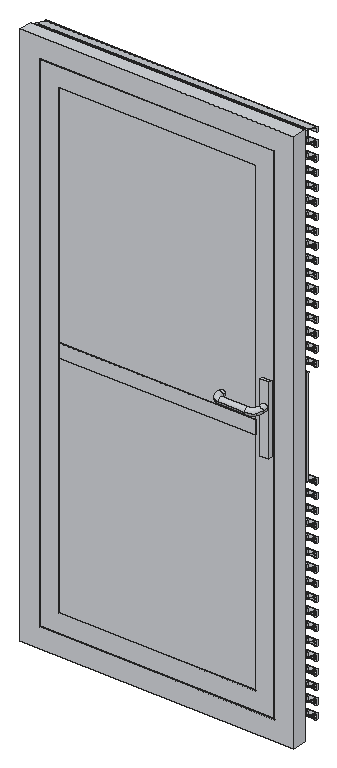
Revit family "NLRS_31_DO_WB_HF58-45 enkele deur-AV_jazo_jazo", category Doors, host Wall, Revit 2020
Family settings
  Host = Wall
  OmniClass Number = 23.30.10.00
  OmniClass Title = Doors
  Always vertical = Yes
  Cut with Voids When Loaded = No
  Shared = No
  Room Calculation Point = No
Parameters (values of type "TYPE CATALOG")
  URL = "www.jazo.com"
  Thickness = if(JAZO_C_forster presto kozijn, 50 mm, if(JAZO_C_aluminium kozijn, 60 mm, 50 mm))  # 50 mm
  Rough Width = NLRS_C_breedte_01  # 1010 mm
  Rough Height = NLRS_C_hoogte_01  # 2010 mm
  Operation = ""
  Negge = 61 mm
  NLRS_C_zelfsluitend = no
  NLRS_C_weerstandsklasse = "Voor specificaties of mogelijkheden, neem contact op."  # constant formula
  NLRS_C_vluchtroute = "Voor specificaties of mogelijkheden, neem contact op."  # constant formula
  NLRS_C_stelruimte = if(NLRS_C_brandwerend, 10 mm, 5 mm)  # 5 mm
  NLRS_C_rookwerendheid = "Voor specificaties of mogelijkheden, neem contact op."  # constant formula
  NLRS_C_offset_02 = if(JAZO_C_calculatie_03 < 0 mm, JAZO_C_calculatie_03 - ((NLRS_C_aantal_02 - 13) * 48 mm), NLRS_C_offset_01)  # 45.3 mm
  NLRS_C_offset_01 = if(JAZO_C_calculatie_03 > 0 mm, JAZO_C_calculatie_03 - ((NLRS_C_aantal_01 - 2) * 48 mm), 0 mm)  # 0 mm
  NLRS_C_offset = Negge  # 61 mm
  NLRS_C_merk = "Voor specificaties of mogelijkheden, neem contact op."  # constant formula
  NLRS_C_leverancier_url = "www.jazo.com"  # constant formula
  NLRS_C_leverancier_telefoonnummer = "+31 316 - 59 29 11"  # constant formula
  NLRS_C_leverancier_postcode = "6905 DJ"  # constant formula
  NLRS_C_leverancier_plaats = "Zevenaar"  # constant formula
  NLRS_C_leverancier_email = "info@jazo.com"  # constant formula
  NLRS_C_leverancier_bedrijfsnaam = "JAZO Zevenaar bv"  # constant formula
  NLRS_C_leverancier_adres = "Handelsdwarsstraat 10"  # constant formula
  NLRS_C_lengte_02 = if(JAZO_C_calculatie_02 < (13 * 48 mm), JAZO_C_calculatie_02, (13 * 48 mm))  # 573.3 mm
  NLRS_C_lengte_01 = if(JAZO_C_calculatie_01 > (2 * 48 mm), JAZO_C_calculatie_01, (2 * 48 mm))  # 96 mm
  NLRS_C_inbraakwerend = no
  NLRS_C_hoogte_min = if(JAZO_C_forster presto kozijn, if(and(NLRS_C_brandwerend, NLRS_C_inbraakwerend), 2050 mm, if(NLRS_C_inbraakwerend, 2050 mm, if(NLRS_C_brandwerend, 2000 mm, 1850 mm))), if(JAZO_C_aluminium kozijn, 1850 mm, 1850 mm))  # 1850 mm
  NLRS_C_hoogte_max = if(JAZO_C_forster presto kozijn, if(NLRS_C_inbraakwerend, 2640 mm, 3000 mm), if(JAZO_C_aluminium kozijn, if(NLRS_C_inbraakwerend, 2645 mm, 3200 mm), 2000 mm))  # 3000 mm
  NLRS_C_hoogte_01 = NLRS_C_hoogte + (NLRS_C_stelruimte * 2)  # 2010 mm
  NLRS_C_hoogte = if(Height < NLRS_C_hoogte_min, NLRS_C_hoogte_min, if(Height > NLRS_C_hoogte_max, NLRS_C_hoogte_max, Height))  # 2000 mm
  NLRS_C_geluidwering Rw = "Voor specificaties of mogelijkheden, neem contact op."  # constant formula
  NLRS_C_diepte_02 = if(JAZO_C_forster presto kozijn, 50 mm, 30 mm)  # 50 mm
  NLRS_C_diepte_01 = if(JAZO_C_forster presto kozijn, 111 mm, 121 mm)  # 111 mm
  NLRS_C_diepte = Thickness  # 50 mm
  NLRS_C_content_versie = "2.5"  # constant formula
  NLRS_C_content_revit versie = "REVIT 2020.2"  # constant formula
  NLRS_C_content_provider = "JAZO Zevenaar bv"  # constant formula
  NLRS_C_content_datum uitgifte = "17-8-2022"  # constant formula
  NLRS_C_content_datum gewijzigd = "7-11-2022"  # constant formula
  NLRS_C_content_creator = "JAZO Zevenaar bv"  # constant formula
  NLRS_C_breedte_min = 850 mm  # constant formula
  NLRS_C_breedte_max = if(JAZO_C_forster presto kozijn, if(NLRS_C_inbraakwerend, 1440 mm, 1500 mm), if(JAZO_C_aluminium kozijn, if(NLRS_C_inbraakwerend, 1661 mm, 1400 mm), 1000 mm))  # 1500 mm
  NLRS_C_breedte_01 = NLRS_C_breedte + NLRS_C_stelruimte * 2  # 1010 mm
  NLRS_C_breedte = if(Width < NLRS_C_breedte_min, NLRS_C_breedte_min, if(Width > NLRS_C_breedte_max, NLRS_C_breedte_max, Width))  # 1000 mm
  NLRS_C_brandwerend = no
  NLRS_C_aantal_02 = if(NLRS_C_hoogte < 2064.4 mm, rounddown(JAZO_C_calculatie_02 / 48 mm), 13)  # 11
  NLRS_C_aantal_01 = if(NLRS_C_hoogte > 2064.4 mm, rounddown(JAZO_C_calculatie_01 / 48 mm), 2)  # 2
  Model = "HF58-45 enkele deur"  # constant formula
  Manufacturer = "JAZO Zevenaar bv"  # constant formula
  MIN WIDTH = NLRS_C_breedte_min  # 850 mm
  MIN HEIGHT = NLRS_C_hoogte_min  # 1850 mm
  MAX WIDTH = NLRS_C_breedte_max  # 1500 mm
  MAX HEIGHT = NLRS_C_hoogte_max  # 3000 mm
  JAZO_C_ventilerend = no
  JAZO_C_paniekfunctie = no
  JAZO_C_opbouwrooster HF58 45 = if(or(JAZO_C_aluminium kozijn, JAZO_C_forster presto kozijn), 1 < 2, 2 < 1)  # yes
  JAZO_C_niet ventilerend = yes
  JAZO_C_materiaal schoep = none
  JAZO_C_materiaal scharnier = none
  JAZO_C_materiaal forster presto sandwichpaneel = none
  JAZO_C_materiaal forster presto kozijn = none
  JAZO_C_materiaal forster presto deurprofiel = none
  JAZO_C_materiaal beslag = none
  JAZO_C_materiaal aluminium planken = none
  JAZO_C_materiaal aluminium kozijn = none
  JAZO_C_forster presto kozijn = yes
  JAZO_C_dagmaat hoogte = if(JAZO_C_forster presto kozijn, NLRS_C_hoogte - 70 mm - 70 mm, if(JAZO_C_aluminium kozijn, NLRS_C_hoogte - 52 mm - 52 mm, 0 mm))  # 1860 mm
  JAZO_C_dagmaat breedte = if(JAZO_C_forster presto kozijn, NLRS_C_breedte - 70 mm - 70 mm, if(JAZO_C_aluminium kozijn, NLRS_C_breedte - 52 mm - 52 mm, 0 mm))  # 860 mm
  JAZO_C_calculatie_03 = (NLRS_C_hoogte - JAZO_C_calculatie_01 - JAZO_C_calculatie_02 - 75.2 mm - 240 mm - 240 mm - 144 mm - 336 mm - 240 mm - 48 mm - 21.2 mm + 13.7 mm) * -1  # -50.7 mm
  JAZO_C_calculatie_02 = NLRS_C_hoogte - (2 mm * 48) - 75.2 mm - 240 mm - 240 mm - 144 mm - 336 mm - 240 mm - 48 mm - 21.2 mm + 13.7 mm  # 573.3 mm
  JAZO_C_calculatie_01 = NLRS_C_hoogte - (13 mm * 48) - 75.2 mm - 240 mm - 240 mm - 144 mm - 336 mm - 240 mm - 48 mm - 21.2 mm + 13.7 mm  # 45.3 mm
  JAZO_C_aluminium kozijn = no
  Function = Exterior
  Height = 2000 mm
  Wall Closure = By host
  Width = 1000 mm
  Description = "HF58-45 enkele deur"  # constant formula
  Define Thermal Properties by = User Defined
  Construction Type = "Voor specificaties of mogelijkheden, neem contact op."  # constant formula
  Assembly Code = "23.30.10.00"
  Analytic Construction = "<None>"
Reference planes
  plane 1 "Center (Front/Back)": y = 0
  plane 2 "Center (Left/Right)": x = 0
  plane 3 "Left": x = -500
  plane 4 "Right": x = 500
  plane 5 "Top": z = 2005
  plane 6 "Exterior": y = 75
  plane 7 "Interior": y = -75
  plane 8 "stelruimte r": x = 505
  plane 9 "stelruimte l": x = -505
  plane 10 "stelruimte b": z = 2010
  plane 11 "stelruimte o": z = 5
  plane 12 "center kozijn": y = -11
  plane 13 "Center": z = 1005
  plane 14 "voorkant kozijn": y = 14
  plane 15 "achterkant kozijn": y = -36
  plane 16 "start_schoep": z = 1998.2
  plane 17 "sectie 2": z = 1683
  plane 18 "sectie 3": z = 1587
  plane 19 "sectie 4": z = 1347
  plane 20 "sectie 5": z = 1203
  plane 21 "sectie 6": z = 867
  plane 22 "sectie 7": z = 293.7
  plane 23 "sectie 8": z = 53.7
  plane 24 "sectie 9": z = 5.7
  plane 25 "offset sectie 3": z = 1587
  plane 26 "offset sectie 4": z = 1347
  plane 27 "offset sectie 5": z = 1203
  plane 28 "offset sectie 6": z = 867
  plane 29 "offset sectie 7": z = 339
  plane 30 "offset sectie 8": z = 99
  plane 31 "voorkant schoep": y = 75
  plane 32 "center kozijn + schoep": y = 19.5
  plane 33 "sectie 1": z = 1923
Lines and regions (mm)
  Opening 1
    outline origin (-3161.91, -75, 0) x (1, 0, 0) y (0, 0, 1)
      loop
        line (2656.91, 0) -> (3666.91, 0) -> (3666.91, 2010) -> (2656.91, 2010) -> (2656.91, 0)
  symbolic lines, style "Swing Elevation"
    curve 1: line (500, -75, 1005) -> (-500, -75, 2005)
    curve 2: line (500, -75, 1005) -> (-500, -75, 0)
Text (mm)
  text "Exterior" at (-2295.016, 1099.543, 0), in view "Ref. Level"
  text "Exterior" at (0, 1615.38, 3698.081), in view "Left"
  text "Exterior" at (0, 1036.032, 3874.932), in view "Right"
Dimensions and locks
  equal spacing: plane 9 "stelruimte l", plane 2 "Center (Left/Right)", plane 8 "stelruimte r"
  "NLRS_C_breedte": plane 3 "Left" to plane 4 "Right"
  "NLRS_C_hoogte": plane 5 "Top" to plane 11 "stelruimte o"
  "NLRS_C_hoogte_01": host wall to plane 10 "stelruimte b"
  locked: plane 6 "Exterior" to host wall
  locked: plane 7 "Interior" to host wall
  "NLRS_C_breedte_01": plane 9 "stelruimte l" to plane 8 "stelruimte r"
  equal spacing: plane 3 "Left", plane 2 "Center (Left/Right)", plane 4 "Right"
  equal spacing: plane 11 "stelruimte o", plane 13 "Center", plane 5 "Top"
  "NLRS_C_stelruimte": level to plane 11 "stelruimte o"
  locked: plane 16 "start_schoep" to plane 5 "Top" at 6.8
  locked: plane 17 "sectie 2" to plane 33 "sectie 1" at 240
  "NLRS_C_lengte_01": plane 18 "sectie 3" to plane 17 "sectie 2"
  locked: plane 19 "sectie 4" to plane 18 "sectie 3" at 240
  locked: plane 20 "sectie 5" to plane 19 "sectie 4" at 144
  locked: plane 21 "sectie 6" to plane 20 "sectie 5" at 336
  "NLRS_C_lengte_02": plane 22 "sectie 7" to plane 21 "sectie 6"
  locked: plane 23 "sectie 8" to plane 22 "sectie 7" at 240
  locked: plane 24 "sectie 9" to plane 23 "sectie 8" at 48
  "NLRS_C_offset_01": plane 18 "sectie 3" to plane 25 "offset sectie 3"
  "NLRS_C_offset_01": plane 19 "sectie 4" to plane 26 "offset sectie 4"
  "NLRS_C_offset_01": plane 20 "sectie 5" to plane 27 "offset sectie 5"
  "NLRS_C_offset_01": plane 21 "sectie 6" to plane 28 "offset sectie 6"
  "NLRS_C_offset_02": plane 22 "sectie 7" to plane 29 "offset sectie 7"
  "NLRS_C_offset_02": plane 23 "sectie 8" to plane 30 "offset sectie 8"
  equal spacing: plane 14 "voorkant kozijn", plane 12 "center kozijn", plane 15 "achterkant kozijn"
  "NLRS_C_diepte": plane 14 "voorkant kozijn" to plane 15 "achterkant kozijn"
  "NLRS_C_diepte_01": plane 31 "voorkant schoep" to plane 15 "achterkant kozijn"
  equal spacing: plane 31 "voorkant schoep", plane 32 "center kozijn + schoep", plane 15 "achterkant kozijn"
  "NLRS_C_offset": plane 14 "voorkant kozijn" to plane 6 "Exterior"
  locked: plane 33 "sectie 1" to plane 16 "start_schoep" at 75.2
  locked: plane 30 "offset sectie 8" to nested 10 at 22.25
  locked: plane 26 "offset sectie 4" to nested 11 at 22.3
  locked: plane 17 "sectie 2" to nested 12 at 22.3
  locked: plane 17 "sectie 2" to nested 15 at 22.3
  locked: plane 26 "offset sectie 4" to nested 14 at 22.3
  locked: plane 30 "offset sectie 8" to nested 13 at 22.3
  locked: plane 16 "start_schoep" to nested 17 at 27.2
  equal spacing: group 1, group 2, group 3, group 4, group 5  (x2)
  equal spacing: group 5, group 4, group 3, group 2, group 1
  locked: plane 33 "sectie 1" to nested 19 at 48
  group 6 to group 7 = 0 mm  (x2)
  group 7 to group 6 = 48 mm
  locked: plane 17 "sectie 2" to nested 24 at 48
  equal spacing: group 8, group 9, group 10, group 11, group 12  (x2)
  equal spacing: group 12, group 11, group 10, group 9, group 8
  locked: plane 25 "offset sectie 3" to nested 26 at 48
  equal spacing: group 13, group 14, group 15  (x2)
  equal spacing: group 15, group 14, group 13
  locked: plane 26 "offset sectie 4" to nested 31 at 48
  equal spacing: group 16, group 17, group 18, group 19, group 20, group 21, group 22  (x2)
  equal spacing: group 22, group 21, group 20, group 19, group 18, group 17, group 16
  locked: plane 27 "offset sectie 5" to nested 34 at 48
  equal spacing: group 23, group 24, group 25, group 26, group 27, group 28, group 29, group 30, group 36, group 37, group 38  (x2)
  equal spacing: group 38, group 37, group 36, group 30, group 29, group 28, group 27, group 26, group 25, group 24, group 23
  locked: plane 28 "offset sectie 6" to nested 41 at 48
  equal spacing: group 31, group 32, group 33, group 34, group 35  (x2)
  equal spacing: group 35, group 34, group 33, group 32, group 31
  locked: plane 29 "offset sectie 7" to nested 49 at 48
  locked: plane 28 "offset sectie 6" to nested 54 at 223.564
  aligned and locked: Opening 1 sketch curve to level
  aligned and locked: plane 1 "Center (Front/Back)" to host wall
  aligned and locked: Opening 1 sketch curve to plane 9 "stelruimte l"
  aligned and locked: plane 10 "stelruimte b" to Opening 1 sketch curve
  aligned and locked: Opening 1 sketch curve to plane 8 "stelruimte r"
  aligned and locked: plane 2 "Center (Left/Right)" to nested 1
  aligned and locked: nested 1 to plane 12 "center kozijn"
  aligned and locked: nested 1 to plane 5 "Top"
  aligned and locked: plane 2 "Center (Left/Right)" to nested 2
  aligned and locked: nested 2 to plane 12 "center kozijn"
  aligned and locked: nested 3 to plane 12 "center kozijn"
  aligned and locked: plane 2 "Center (Left/Right)" to nested 3
  aligned and locked: plane 2 "Center (Left/Right)" to nested 4
  aligned and locked: nested 4 to plane 12 "center kozijn"
  aligned and locked: nested 5 to plane 12 "center kozijn"
  aligned and locked: plane 2 "Center (Left/Right)" to nested 5
  aligned and locked: nested 3 to plane 5 "Top"
  aligned and locked: nested 5 to plane 5 "Top"
  aligned and locked: plane 2 "Center (Left/Right)" to nested 6
  aligned and locked: nested 6 to plane 32 "center kozijn + schoep"
  aligned and locked: plane 2 "Center (Left/Right)" to nested 7
  aligned and locked: nested 7 to plane 32 "center kozijn + schoep"
  aligned and locked: plane 13 "Center" to nested 4
  aligned and locked: plane 4 "Right" to nested 8
  aligned and locked: nested 8 to plane 31 "voorkant schoep"
  aligned and locked: nested 9 to plane 3 "Left"
  aligned and locked: nested 9 to plane 14 "voorkant kozijn"
  aligned and locked: nested 13 to plane 3 "Left"
  aligned and locked: nested 14 to plane 3 "Left"
  aligned and locked: nested 15 to plane 3 "Left"
  aligned and locked: plane 14 "voorkant kozijn" to nested 15
  aligned and locked: plane 14 "voorkant kozijn" to nested 14
  aligned and locked: plane 14 "voorkant kozijn" to nested 13
  aligned and locked: nested 10 to plane 3 "Left"
  aligned and locked: nested 11 to plane 3 "Left"
  aligned and locked: nested 12 to plane 3 "Left"
  aligned and locked: nested 12 to plane 14 "voorkant kozijn"
  aligned and locked: nested 11 to plane 14 "voorkant kozijn"
  aligned and locked: nested 10 to plane 14 "voorkant kozijn"
  aligned and locked: plane 2 "Center (Left/Right)" to nested 16
  aligned and locked: plane 14 "voorkant kozijn" to nested 16
  aligned and locked: nested 16 to plane 16 "start_schoep"
  aligned and locked: plane 2 "Center (Left/Right)" to nested 17
  aligned and locked: plane 14 "voorkant kozijn" to nested 17
  aligned and locked: plane 2 "Center (Left/Right)" to nested 18
  aligned and locked: plane 14 "voorkant kozijn" to nested 18
  aligned and locked: plane 33 "sectie 1" to nested 18
  aligned and locked: plane 14 "voorkant kozijn" to nested 19
  aligned and locked: plane 2 "Center (Left/Right)" to nested 23
  aligned and locked: plane 14 "voorkant kozijn" to nested 23
  aligned and locked: nested 23 to plane 17 "sectie 2"
  aligned and locked: plane 14 "voorkant kozijn" to nested 24
  aligned and locked: plane 2 "Center (Left/Right)" to nested 25
  aligned and locked: plane 14 "voorkant kozijn" to nested 25
  aligned and locked: nested 25 to plane 25 "offset sectie 3"
  aligned and locked: plane 14 "voorkant kozijn" to nested 26
  aligned and locked: plane 2 "Center (Left/Right)" to nested 30
  aligned and locked: plane 14 "voorkant kozijn" to nested 30
  aligned and locked: nested 30 to plane 26 "offset sectie 4"
  aligned and locked: plane 14 "voorkant kozijn" to nested 31
  aligned and locked: plane 2 "Center (Left/Right)" to nested 33
  aligned and locked: plane 14 "voorkant kozijn" to nested 33
  aligned and locked: nested 33 to plane 27 "offset sectie 5"
  aligned and locked: plane 14 "voorkant kozijn" to nested 34
  aligned and locked: plane 2 "Center (Left/Right)" to nested 40
  aligned and locked: plane 14 "voorkant kozijn" to nested 40
  aligned and locked: nested 40 to plane 28 "offset sectie 6"
  aligned and locked: plane 14 "voorkant kozijn" to nested 41
  aligned and locked: plane 2 "Center (Left/Right)" to nested 48
  aligned and locked: plane 14 "voorkant kozijn" to nested 48
  aligned and locked: nested 48 to plane 29 "offset sectie 7"
  aligned and locked: plane 14 "voorkant kozijn" to nested 49
  aligned and locked: plane 2 "Center (Left/Right)" to nested 53
  aligned and locked: plane 14 "voorkant kozijn" to nested 53
  aligned and locked: nested 53 to plane 30 "offset sectie 8"
  aligned and locked: nested 54 to plane 4 "Right"
  aligned and locked: nested 54 to plane 14 "voorkant kozijn"
  aligned and locked: nested 2 to plane 5 "Top"
  aligned and locked: nested 58 to plane 3 "Left"
  aligned and locked: nested 58 to plane 4 "Right"
  aligned and locked: plane 14 "voorkant kozijn" to nested 58
  aligned and locked: plane 2 "Center (Left/Right)" to nested 59
  aligned and locked: nested 59 to plane 32 "center kozijn + schoep"
Automatic sketch dimensions
  plane 4 "Right" to curve 2 = 0 mm
  curve 2 to level = 0 mm
  curve 2 to plane 13 "Center" = 0 mm
  plane 3 "Left" to curve 1 = 0 mm
  curve 1 to plane 5 "Top" = 0 mm
  plane 3 "Left" to curve 2 = 0 mm
Nested families
  nested 1: "NLRS_31_GM_UN_forster presto kozijn-AV" at (0, -11, 5), type "forster presto kozijn"
    with NLRS_C_breedte 1000 mm
  nested 2: "NLRS_31_GM_UN_aluminium kozijn-AV" at (0, -11, 5), type "aluminium kozijn"
  nested 3: "NLRS_31_GM_UN_forster presto deurprofiel-AV" at (0, -11, 5), type "forster presto deurprofiel"
  nested 4: "NLRS_31_GM_UN_forster presto sandwichpaneel opbouwroosters-AV" at (0, -11, 5), type "forster presto sandiwchpaneel opbouwroosters"
    with NLRS_C_zichtbaar_02 no, NLRS_C_breedte_01 720 mm, NLRS_C_breedte 1000 mm, NLRS_C_brandwerend no, JAZO_C_ventilerend no, JAZO_C_niet ventilerend yes
  nested 5: "NLRS_31_GM_UN_aluminium planken opbouwroosters-AV" at (0, 4.008, 5), type "aluminium planken"
    with NLRS_C_zichtbaar_01 no, NLRS_C_hoogte_04 759.5 mm, NLRS_C_hoogte_03 755.5 mm, NLRS_C_hoogte_02 1930 mm, NLRS_C_hoogte 2000 mm, NLRS_C_breedte_03 742 mm, NLRS_C_breedte_02 753 mm, NLRS_C_breedte_01 952 mm, NLRS_C_breedte 1000 mm, NLRS_C_aantal_02 38, NLRS_C_aantal_01 38, JAZO_C_aluminium kozijn no
  nested 6: "NLRS_31_DI_UN_markering" at (0, 19.5, 0), type "markering"
  nested 7: "NLRS_31_GA_UN_error message" at (0, 19.5, 0), type "error message"
    with NLRS_C_zichtbaar_10 no, NLRS_C_zichtbaar_05 no, NLRS_C_hoogte_max 3000 mm, NLRS_C_hoogte 2000 mm, NLRS_C_breedte_max 1500 mm, NLRS_C_brandwerend no, JAZO_C_aluminium kozijn no
  nested 8: "NLRS_31_DI_UN_beslagbak detail HS42R HJ44" at (401, 75, 0), type "beslagbak detail HS42R HJ44"
  nested 9: "NLRS_31_DI_UN_scharnier detail HS42R HJ44" at (-500, 14, 0), type "scharnier detail HS42R HJ44"
  nested 10: "NLRS_31_GM_UN_scharnier aluminium HS42R HJ44-AV" at (-480, 75.5, 121.25), type "scharnier aluminium HS42R HJ44"
  nested 11: "NLRS_31_GM_UN_scharnier aluminium HS42R HJ44-AV" at (-480, 75.5, 1369.3), type "scharnier aluminium HS42R HJ44"
  nested 12: "NLRS_31_GM_UN_scharnier aluminium HS42R HJ44-AV" at (-480, 75.5, 1705.3), type "scharnier aluminium HS42R HJ44"
  nested 13: "NLRS_31_GM_UN_scharnier staal HS42R HJ44-AV" at (-480, 68, 121.3), type "scharnier staal HS42R HJ44"
  nested 14: "NLRS_31_GM_UN_scharnier staal HS42R HJ44-AV" at (-480, 68, 1369.3), type "scharnier staal HS42R HJ44"
  nested 15: "NLRS_31_GM_UN_scharnier staal HS42R HJ44-AV" at (-480, 68, 1705.3), type "scharnier staal HS42R HJ44"
  nested 16: "NLRS_31_GM_UN_HF58-45 start schoep-AV" at (0, 50, 1972), NLRS_C_breedte <- "NLRS_C_breedte", type "HF58-45 start schoep"
    with NLRS_C_breedte 1000 mm
  nested 17: "NLRS_31_GM_UN_HF58-45 schoep-AV" at (0, 50, 1922.294), NLRS_C_breedte <- "NLRS_C_breedte", type "HF58-45 schoep"
    with NLRS_C_breedte 1000 mm
  nested 18: "NLRS_31_GM_UN_HF58-45 schoep-AV" at (0, 50, 1874.294), NLRS_C_breedte <- "NLRS_C_breedte", type "HF58-45 schoep"
    with NLRS_C_breedte 1000 mm
  nested 19: "NLRS_31_GM_UN_HF58-45 schoep-AV" at (0, 50, 1826.294), NLRS_C_breedte <- "NLRS_C_breedte", type "HF58-45 schoep"
    with NLRS_C_breedte 1000 mm
  nested 20: "NLRS_31_GM_UN_HF58-45 schoep-AV" at (0, 50, 1778.294), NLRS_C_breedte <- "NLRS_C_breedte", type "HF58-45 schoep"
    with NLRS_C_breedte 1000 mm
  nested 21: "NLRS_31_GM_UN_HF58-45 schoep-AV" at (0, 50, 1730.294), NLRS_C_breedte <- "NLRS_C_breedte", type "HF58-45 schoep"
    with NLRS_C_breedte 1000 mm
  nested 22: "NLRS_31_GM_UN_HF58-45 schoep-AV" at (0, 50, 1682.294), NLRS_C_breedte <- "NLRS_C_breedte", type "HF58-45 schoep"
    with NLRS_C_breedte 1000 mm
  nested 23: "NLRS_31_GM_UN_HF58-45 schoep-AV" at (0, 50, 1634.294), NLRS_C_breedte <- "NLRS_C_breedte", type "HF58-45 schoep"
    with NLRS_C_breedte 1000 mm
  nested 24: "NLRS_31_GM_UN_HF58-45 schoep-AV" at (0, 50, 1586.294), NLRS_C_breedte <- "NLRS_C_breedte", type "HF58-45 schoep"
    with NLRS_C_breedte 1000 mm
  nested 25: "NLRS_31_GM_UN_HF58-45 scharnier schoep-AV" at (0, 50, 1538.294), NLRS_C_breedte <- "NLRS_C_breedte", type "HF58-45 scharnier schoep"
    with NLRS_C_breedte 1000 mm
  nested 26: "NLRS_31_GM_UN_HF58-45 scharnier schoep-AV" at (0, 50, 1490.294), NLRS_C_breedte <- "NLRS_C_breedte", type "HF58-45 scharnier schoep"
    with NLRS_C_breedte 1000 mm
  nested 27: "NLRS_31_GM_UN_HF58-45 scharnier schoep-AV" at (0, 50, 1442.294), NLRS_C_breedte <- "NLRS_C_breedte", type "HF58-45 scharnier schoep"
    with NLRS_C_breedte 1000 mm
  nested 28: "NLRS_31_GM_UN_HF58-45 scharnier schoep-AV" at (0, 50, 1394.294), NLRS_C_breedte <- "NLRS_C_breedte", type "HF58-45 scharnier schoep"
    with NLRS_C_breedte 1000 mm
  nested 29: "NLRS_31_GM_UN_HF58-45 scharnier schoep-AV" at (0, 50, 1346.294), NLRS_C_breedte <- "NLRS_C_breedte", type "HF58-45 scharnier schoep"
    with NLRS_C_breedte 1000 mm
  nested 30: "NLRS_31_GM_UN_HF58-45 schoep-AV" at (0, 50, 1298.294), NLRS_C_breedte <- "NLRS_C_breedte", type "HF58-45 schoep"
    with NLRS_C_breedte 1000 mm
  nested 31: "NLRS_31_GM_UN_HF58-45 schoep-AV" at (0, 50, 1250.294), NLRS_C_breedte <- "NLRS_C_breedte", type "HF58-45 schoep"
    with NLRS_C_breedte 1000 mm
  nested 32: "NLRS_31_GM_UN_HF58-45 schoep-AV" at (0, 50, 1202.294), NLRS_C_breedte <- "NLRS_C_breedte", type "HF58-45 schoep"
    with NLRS_C_breedte 1000 mm
  nested 33: "NLRS_31_GM_UN_HF58-45 beslag schoep-AV" at (0, 50, 1154.294), NLRS_C_breedte <- "NLRS_C_breedte", type "HF58-45 beslag schoep"
    with NLRS_C_breedte 1000 mm
  nested 34: "NLRS_31_GM_UN_HF58-45 beslag schoep-AV" at (0, 50, 1106.294), NLRS_C_breedte <- "NLRS_C_breedte", type "HF58-45 beslag schoep"
    with NLRS_C_breedte 1000 mm
  nested 35: "NLRS_31_GM_UN_HF58-45 beslag schoep-AV" at (0, 50, 1058.294), NLRS_C_breedte <- "NLRS_C_breedte", type "HF58-45 beslag schoep"
    with NLRS_C_breedte 1000 mm
  nested 36: "NLRS_31_GM_UN_HF58-45 beslag schoep-AV" at (0, 50, 1010.294), NLRS_C_breedte <- "NLRS_C_breedte", type "HF58-45 beslag schoep"
    with NLRS_C_breedte 1000 mm
  nested 37: "NLRS_31_GM_UN_HF58-45 beslag schoep-AV" at (0, 50, 962.294), NLRS_C_breedte <- "NLRS_C_breedte", type "HF58-45 beslag schoep"
    with NLRS_C_breedte 1000 mm
  nested 38: "NLRS_31_GM_UN_HF58-45 beslag schoep-AV" at (0, 50, 914.294), NLRS_C_breedte <- "NLRS_C_breedte", type "HF58-45 beslag schoep"
    with NLRS_C_breedte 1000 mm
  nested 39: "NLRS_31_GM_UN_HF58-45 beslag schoep-AV" at (0, 50, 866.294), NLRS_C_breedte <- "NLRS_C_breedte", type "HF58-45 beslag schoep"
    with NLRS_C_breedte 1000 mm
  nested 40: "NLRS_31_GM_UN_HF58-45 schoep-AV" at (0, 50, 818.294), NLRS_C_breedte <- "NLRS_C_breedte", type "HF58-45 schoep"
    with NLRS_C_breedte 1000 mm
  nested 41: "NLRS_31_GM_UN_HF58-45 schoep-AV" at (0, 50, 770.294), NLRS_C_breedte <- "NLRS_C_breedte", type "HF58-45 schoep"
    with NLRS_C_breedte 1000 mm
  nested 42: "NLRS_31_GM_UN_HF58-45 schoep-AV" at (0, 50, 722.294), NLRS_C_breedte <- "NLRS_C_breedte", type "HF58-45 schoep"
    with NLRS_C_breedte 1000 mm
  nested 43: "NLRS_31_GM_UN_HF58-45 schoep-AV" at (0, 50, 674.294), NLRS_C_breedte <- "NLRS_C_breedte", type "HF58-45 schoep"
    with NLRS_C_breedte 1000 mm
  nested 44: "NLRS_31_GM_UN_HF58-45 schoep-AV" at (0, 50, 626.294), NLRS_C_breedte <- "NLRS_C_breedte", type "HF58-45 schoep"
    with NLRS_C_breedte 1000 mm
  nested 45: "NLRS_31_GM_UN_HF58-45 schoep-AV" at (0, 50, 578.294), NLRS_C_breedte <- "NLRS_C_breedte", type "HF58-45 schoep"
    with NLRS_C_breedte 1000 mm
  nested 46: "NLRS_31_GM_UN_HF58-45 schoep-AV" at (0, 50, 530.294), NLRS_C_breedte <- "NLRS_C_breedte", type "HF58-45 schoep"
    with NLRS_C_breedte 1000 mm
  nested 47: "NLRS_31_GM_UN_HF58-45 schoep-AV" at (0, 50, 482.294), NLRS_C_breedte <- "NLRS_C_breedte", type "HF58-45 schoep"
    with NLRS_C_breedte 1000 mm
  nested 48: "NLRS_31_GM_UN_HF58-45 scharnier schoep-AV" at (0, 50, 290.294), NLRS_C_breedte <- "NLRS_C_breedte", type "HF58-45 scharnier schoep"
    with NLRS_C_breedte 1000 mm
  nested 49: "NLRS_31_GM_UN_HF58-45 scharnier schoep-AV" at (0, 50, 242.294), NLRS_C_breedte <- "NLRS_C_breedte", type "HF58-45 scharnier schoep"
    with NLRS_C_breedte 1000 mm
  nested 50: "NLRS_31_GM_UN_HF58-45 scharnier schoep-AV" at (0, 50, 194.294), NLRS_C_breedte <- "NLRS_C_breedte", type "HF58-45 scharnier schoep"
    with NLRS_C_breedte 1000 mm
  nested 51: "NLRS_31_GM_UN_HF58-45 scharnier schoep-AV" at (0, 50, 146.294), NLRS_C_breedte <- "NLRS_C_breedte", type "HF58-45 scharnier schoep"
    with NLRS_C_breedte 1000 mm
  nested 52: "NLRS_31_GM_UN_HF58-45 scharnier schoep-AV" at (0, 50, 98.294), NLRS_C_breedte <- "NLRS_C_breedte", type "HF58-45 scharnier schoep"
    with NLRS_C_breedte 1000 mm
  nested 53: "NLRS_31_GM_UN_HF58-45 schoep-AV" at (0, 50, 50.294), NLRS_C_breedte <- "NLRS_C_breedte", type "HF58-45 schoep"
    with NLRS_C_breedte 1000 mm
  nested 54: "NLRS_31_GM_UN_beslagbak HF58-45-AV" at (401, 25, 810.564), type "beslagbak HF58-45"
  nested 55: "NLRS_31_GM_UN_HF58-45 schoep-AV" at (0, 50, 434.294), NLRS_C_breedte <- "NLRS_C_breedte", type "HF58-45 schoep"
    with NLRS_C_breedte 1000 mm
  nested 56: "NLRS_31_GM_UN_HF58-45 schoep-AV" at (0, 50, 386.294), NLRS_C_breedte <- "NLRS_C_breedte", type "HF58-45 schoep"
    with NLRS_C_breedte 1000 mm
  nested 57: "NLRS_31_GM_UN_HF58-45 schoep-AV" at (0, 50, 338.294), NLRS_C_breedte <- "NLRS_C_breedte", type "HF58-45 schoep"
    with NLRS_C_breedte 1000 mm
  nested 58: "NLRS_31_GM_UN_door swing" at (-500, 14, 0) x (-1, 0, 0) z (0, 0, 1), NLRS_C_breedte <- "NLRS_C_breedte", type "door swing"
    with NLRS_C_hoek 90.00°, NLRS_C_breedte 1000 mm
  nested 59: "NLRS_31_GA_UN_error message paniekfunctie" at (0, 19.5, 0), type "error message"
    with NLRS_C_zichtbaar_01 no, NLRS_C_inbraakwerend no, JAZO_C_ventilerend no, JAZO_C_paniekfunctie no
Definition of nested family "NLRS_31_GM_UN_forster presto kozijn-AV"
  Parameters (values of type "forster presto kozijn")
    URL = "www.jazo.com"
    NLRS_C_zichtbaar_01 = yes
    NLRS_C_materiaal = none
    NLRS_C_hoogte = 2000 mm
    NLRS_C_diepte = 50 mm  # constant formula
    NLRS_C_breedte = 2500 mm
    Model = "Forster Presto kozijn"
    Manufacturer = "JAZO Zevenaar bv"
    Description = "Forster Presto kozijn"
    Default Elevation = 0 mm
    Assembly Code = "23.30.10.11.11"
  Reference planes
    plane 1 "Center (Front/Back)": y = 0
    plane 2 "Bottom": z = 0
    plane 3 "Center (Left/Right)": x = 0
    plane 4 "Left": x = -1250
    plane 5 "Right": x = 1250
    plane 6 "Top": z = 2000
    plane 7 "voorkant kozijn": y = 25
    plane 8 "achterkant kozijn": y = -25
  Forms (mm)
    Sweep 1, solid, material <- "NLRS_C_materiaal", visible <- "NLRS_C_zichtbaar_01"
      path origin (0, 0, 0) x (1, 0, 0) y (0, 0, 1)
        loop
          line (-1250, 2000) -> (-1250, 0) -> (1250, 0) -> (1250, 2000) -> (-1250, 2000)
      profile origin (0, 0, 2000) x (0, 0, 1) y (0, -1, 0)
        loop
          line (0, -25) -> (0, 25) -> (-50, 25) -> (-70, 25) -> (-70, 22.003) -> (-50, 22.003) -> (-50, -19) -> (-36, -19) -> (-36, -25) -> (0, -25)
  Lines and regions (mm)
    symbolic lines, visible <- "NLRS_C_zichtbaar_01"
      curve 1: line (-1181.52, -25, 0) -> (1181.52, -25, 0)
      curve 2: line (-1216.25, 25, 0) -> (1216.25, 25, 0)
    symbolic lines
      curve 3: line (0, -25, 1931.52) -> (0, -25, 68.48)
      curve 4: line (0, 25, 33.75) -> (0, 25, 1966.25)
  Dimensions and locks
    "NLRS_C_hoogte": plane 6 "Top" to plane 2 "Bottom"
    "NLRS_C_diepte": plane 7 "voorkant kozijn" to plane 8 "achterkant kozijn"
    "NLRS_C_breedte": plane 4 "Left" to plane 5 "Right"
    equal spacing: plane 4 "Left", plane 3 "Center (Left/Right)", plane 5 "Right"
    aligned and locked: level to plane 2 "Bottom"
    aligned and locked: Sweep 1 to plane 8 "achterkant kozijn"
    aligned and locked: Sweep 1 to plane 7 "voorkant kozijn"
    aligned and locked: nested 1 to plane 8 "achterkant kozijn"
    aligned and locked: nested 2 to plane 8 "achterkant kozijn"
    aligned and locked: Sweep 1 sketch curve to plane 6 "Top"
    aligned and locked: Sweep 1 sketch curve to plane 4 "Left"
    aligned and locked: plane 5 "Right" to Sweep 1 sketch curve
    aligned and locked: plane 2 "Bottom" to Sweep 1 sketch curve
    aligned and locked: nested 1 to plane 4 "Left"
    aligned and locked: nested 2 to plane 5 "Right"
    aligned and locked: nested 4 to plane 6 "Top"
    aligned and locked: nested 3 to plane 2 "Bottom"
    aligned and locked: curve 1 to plane 8 "achterkant kozijn"
    aligned and locked: curve 2 to plane 7 "voorkant kozijn"
    aligned and locked: plane 8 "achterkant kozijn" to curve 3
    aligned and locked: curve 4 to plane 7 "voorkant kozijn"
  Automatic sketch dimensions
    profile plane to Sweep 1 sketch curve = 0 mm
    profile plane to Sweep 1 sketch curve = 36 mm
    Sweep 1 sketch curve to Sweep 1 sketch curve = 14 mm
    Sweep 1 sketch curve to Sweep 1 sketch curve = 0 mm
    Sweep 1 sketch curve to Sweep 1 sketch curve = 20 mm
    Sweep 1 sketch curve to plane 1 "Center (Front/Back)" = 25 mm
    Sweep 1 sketch curve to Sweep 1 sketch curve = 6 mm
    plane 1 "Center (Front/Back)" to Sweep 1 sketch curve = 22.003 mm
    Sweep 1 sketch curve to Sweep 1 sketch curve = 2.997 mm
    curve 2 to plane 4 "Left" = 33.75 mm
    curve 2 to curve 1 = 34.73 mm
    plane 5 "Right" to curve 1 = 68.48 mm
    plane 5 "Right" to curve 2 = 33.75 mm
    level to curve 4 = 33.75 mm
    curve 4 to curve 3 = 34.73 mm
    curve 3 to plane 6 "Top" = 68.48 mm
    curve 4 to plane 6 "Top" = 33.75 mm
  Nested families
    nested 1: "NLRS_31_DI_UN_forster presto kozijn detail" at (-1250, -25, 0) x (0, 1, 0) z (0, 0, 1), visible <- "NLRS_C_zichtbaar_01", type "forster presto kozijn detail"
    nested 2: "NLRS_31_DI_UN_forster presto kozijn detail" at (1250, -25, 0) x (0, 1, 0) z (0, 0, 1), visible <- "NLRS_C_zichtbaar_01", type "forster presto kozijn detail"
    nested 3: "NLRS_31_DI_UN_forster presto kozijn detail" at (0, -25, 0) x (0, 1, 0) z (1, 0, 0), visible <- "NLRS_C_zichtbaar_01", type "forster presto kozijn detail"
    nested 4: "NLRS_31_DI_UN_forster presto kozijn detail" at (0, -25, 2000) x (0, 1, 0) z (1, 0, 0), visible <- "NLRS_C_zichtbaar_01", type "forster presto kozijn detail"
  Definition of nested family "NLRS_31_DI_UN_forster presto kozijn detail"
    Parameters (values of type "forster presto kozijn detail")
      URL = "www.jazo.com"
      Manufacturer = "Jazo Zevenaar BV"
      Description = "Forster presto kozijn detail"
    Reference planes
      plane 1 "Center (Front/Back)": y = 0
      plane 2: z = 0
      plane 3 "Center (Left/Right)": x = 0
    Lines and regions (mm)
      detail lines, in view "Ref. Level"
        curve 1: line (0, 2.25, 0) -> (0, 68.48, 0)
        curve 2: arc (0, 68.48, 0) -> (1.52, 70, 0) -> (3.04, 68.48, 0) r 1.52
        curve 3: line (3.04, 68.48, 0) -> (3.04, 50.75, 0)
        curve 4: arc (3.04, 50.75, 0) -> (3.26, 50.22, 0) -> (3.79, 50, 0) r 0.75
        curve 5: line (3.79, 50, 0) -> (42.48, 50, 0)
        curve 6: arc (42.48, 50, 0) -> (43.99, 48.306, 0) -> (42.134, 47, 0) r 1.52
        curve 7: line (42.134, 47, 0) -> (37, 47, 0)
        curve 8: arc (37, 46.96, 0) -> (35.51, 45.633, 0) -> (36.656, 44, 0) r 1.5
        curve 9: line (36.656, 44, 0) -> (42.79, 44, 0)
        curve 10: arc (42.79, 44, 0) -> (44.108, 43.561, 0) -> (44.901, 42.421, 0) r 2.2
        curve 11: line (45, 42.467, 0) -> (45, 36.75, 0)
        curve 12: arc (45, 36.75, 0) -> (45.22, 36.22, 0) -> (45.75, 36, 0) r 0.75
        curve 13: line (45.75, 36, 0) -> (47.75, 36, 0)
        curve 14: arc (47.75, 36, 0) -> (49.341, 35.341, 0) -> (50, 33.75, 0) r 2.25
        curve 15: line (50, 33.75, 0) -> (50, 2.25, 0)
        curve 16: arc (50, 2.25, 0) -> (49.341, 0.659, 0) -> (47.75, 0, 0) r 2.25
        curve 17: line (47.75, 0, 0) -> (2.25, 0, 0)
        curve 18: arc (2.25, 0, 0) -> (0.659, 0.659, 0) -> (0, 2.25, 0) r 2.25
        curve 19: arc (37, 48.46, 0) -> (34, 45.46, 0) -> (37, 42.46, 0) r 3
        curve 20: line (37, 42.46, 0) -> (42.75, 42.46, 0)
        curve 21: arc (42.75, 42.46, 0) -> (43.28, 42.24, 0) -> (43.5, 41.71, 0) r 0.75
        curve 22: line (43.5, 41.71, 0) -> (43.5, 36.75, 0)
        curve 23: arc (43.5, 36.75, 0) -> (44.159, 35.159, 0) -> (45.75, 34.5, 0) r 2.25
        curve 24: line (45.75, 34.5, 0) -> (47.75, 34.5, 0)
        curve 25: arc (47.75, 34.5, 0) -> (48.28, 34.28, 0) -> (48.5, 33.75, 0) r 0.75
        curve 26: line (48.5, 33.75, 0) -> (48.5, 2.25, 0)
        curve 27: arc (48.5, 2.25, 0) -> (48.28, 1.72, 0) -> (47.75, 1.5, 0) r 0.75
        curve 28: line (47.75, 1.5, 0) -> (2.25, 1.5, 0)
        curve 29: arc (2.25, 1.5, 0) -> (1.72, 1.72, 0) -> (1.5, 2.25, 0) r 0.75
        curve 30: line (1.5, 2.25, 0) -> (1.5, 68.48, 0)
        curve 31: arc (1.54, 50.75, 0) -> (2.199, 49.159, 0) -> (3.79, 48.5, 0) r 2.25
        curve 32: line (3.79, 48.5, 0) -> (42.48, 48.5, 0)
Definition of nested family "NLRS_31_GM_UN_forster presto deurprofiel-AV"
  Parameters (values of type "forster presto deurprofiel")
    URL = "www.jazo.com"
    NLRS_C_zichtbaar_01 = yes
    NLRS_C_materiaal = none
    NLRS_C_hoogte = 2000 mm
    NLRS_C_diepte = 50 mm  # constant formula
    NLRS_C_breedte = 1000 mm
    Model = "Forster Presto deurprofiel"
    Manufacturer = "JAZO Zevenaar bv"
    Description = "Forster presto deurprofiel"
    Default Elevation = 0 mm
    Assembly Code = "23.30.10.11.11"
  Reference planes
    plane 1 "Center (Front/Back)": y = 0
    plane 2 "Bottom": z = 0
    plane 3 "Center (Left/Right)": x = 0
    plane 4 "Left": x = -500
    plane 5 "Right": x = 500
    plane 6 "Top": z = 2000
    plane 7 "voorkant kozijn": y = 25
    plane 8 "achterkant kozijn": y = -25
    plane 9 "Center (Elevation)": z = 1000
  Forms (mm)
    Sweep 1, solid, material <- "NLRS_C_materiaal", visible <- "NLRS_C_zichtbaar_01"
      path origin (0, 0, 0) x (1, 0, 0) y (0, 0, 1)
        loop
          line (-500, 2000) -> (-500, 0) -> (500, 0) -> (500, 2000) -> (-500, 2000)
      profile origin (0, 0, 2000) x (0, 0, 1) y (0, -1, 0)
        loop
          line (-40, -22) -> (-60, -22) -> (-60, 19) -> (-74, 19) -> (-74, 25) -> (-140, 25) -> (-140, -22) -> (-160, -22) -> (-160, -25) -> (-40, -25) -> (-40, -22)
  Lines and regions (mm)
    symbolic lines, visible <- "NLRS_C_zichtbaar_01"
      curve 1: line (-362.25, -25, 0) -> (362.25, -25, 0)
      curve 2: line (-341.52, 25, 0) -> (341.52, 25, 0)
      curve 3: line (0, 25, 1841.52) -> (0, 25, 158.48)
      curve 4: line (0, -25, 123.75) -> (0, -25, 1862.25)
  Dimensions and locks
    equal spacing: plane 4 "Left", plane 3 "Center (Left/Right)", plane 5 "Right"
    "NLRS_C_breedte": plane 4 "Left" to plane 5 "Right"
    "NLRS_C_hoogte": plane 6 "Top" to plane 2 "Bottom"
    locked: plane 4 "Left" to nested 1 at 60
    locked: nested 2 to plane 5 "Right" at 60
    locked: nested 3 to plane 6 "Top" at 60
    equal spacing: plane 6 "Top", plane 9 "Center (Elevation)", plane 2 "Bottom"
    locked: Sweep 1 to plane 2 "Bottom" at 60
    aligned and locked: level to plane 2 "Bottom"
    aligned and locked: Sweep 1 to plane 7 "voorkant kozijn"  (x2)
    aligned and locked: plane 8 "achterkant kozijn" to nested 3
    aligned and locked: Sweep 1 sketch curve to plane 6 "Top"
    aligned and locked: Sweep 1 sketch curve to plane 4 "Left"
    aligned and locked: plane 5 "Right" to Sweep 1 sketch curve
    aligned and locked: plane 2 "Bottom" to Sweep 1 sketch curve
    aligned and locked: curve 1 to plane 8 "achterkant kozijn"
    aligned and locked: plane 7 "voorkant kozijn" to curve 2
    aligned and locked: curve 3 to plane 7 "voorkant kozijn"
    aligned and locked: curve 4 to plane 8 "achterkant kozijn"
  Automatic sketch dimensions
    profile plane to Sweep 1 sketch curve = 160 mm
    Sweep 1 sketch curve to Sweep 1 sketch curve = 20 mm  (x2)
    Sweep 1 sketch curve to Sweep 1 sketch curve = 66 mm
    Sweep 1 sketch curve to Sweep 1 sketch curve = 14 mm
    Sweep 1 sketch curve to plane 1 "Center (Front/Back)" = 25 mm
    Sweep 1 sketch curve to Sweep 1 sketch curve = 3 mm  (x2)
    Sweep 1 sketch curve to Sweep 1 sketch curve = 41 mm
    Sweep 1 sketch curve to Sweep 1 sketch curve = 6 mm
    curve 1 to plane 4 "Left" = 137.75 mm
    curve 1 to curve 2 = 20.73 mm
    plane 5 "Right" to curve 2 = 158.48 mm
    curve 2 to curve 1 = 20.73 mm
    level to curve 4 = 123.75 mm
    curve 4 to curve 3 = 34.73 mm
    curve 3 to plane 6 "Top" = 158.48 mm
    curve 3 to curve 4 = 20.73 mm
  Nested families
    nested 1: "NLRS_31_DI_UN_forster presto deurprofiel detail" at (-460, 25, 0) x (0, -1, 0) z (0, 0, 1), visible <- "NLRS_C_zichtbaar_01", type "forster presto deurprofiel detail"
    nested 2: "NLRS_31_DI_UN_forster presto deurprofiel detail" at (460, 25, 0) x (0, -1, 0) z (0, 0, 1), visible <- "NLRS_C_zichtbaar_01", type "forster presto deurprofiel detail"
    nested 3: "NLRS_31_DI_UN_forster presto deurprofiel detail" at (0, 25, 1960) x (0, -1, 0) z (1, 0, 0), visible <- "NLRS_C_zichtbaar_01", type "forster presto deurprofiel detail"
    nested 4: "NLRS_31_DI_UN_forster presto deurprofiel detail" at (0, 25, 40) x (0, -1, 0) z (1, 0, 0), visible <- "NLRS_C_zichtbaar_01", type "forster presto deurprofiel detail"
  Definition of nested family "NLRS_31_DI_UN_forster presto deurprofiel detail"
    Parameters (values of type "forster presto deurprofiel detail")
      URL = "www.jazo.com"
      Manufacturer = "Jazo Zevenaar BV"
      Description = "Forster presto deurprofiel detail"
      Assembly Code = "23.30.10.11.11"
    Reference planes
      plane 1 "Center (Front/Back)": y = 0
      plane 2: z = 0
      plane 3 "Center (Left/Right)": x = 0
    Lines and regions (mm)
      detail lines, in view "Ref. Level"
        curve 1: line (50, 36.25, 0) -> (50, 97.75, 0)
        curve 2: arc (50, 97.75, 0) -> (49.341, 99.341, 0) -> (47.75, 100, 0) r 2.25
        curve 3: line (47.75, 100, 0) -> (3.79, 100, 0)
        curve 4: arc (3.79, 100, 0) -> (3.26, 100.22, 0) -> (3.04, 100.75, 0) r 0.75
        curve 5: line (3.04, 100.75, 0) -> (3.04, 118.48, 0)
        curve 6: arc (3.04, 118.48, 0) -> (1.52, 120, 0) -> (0, 118.48, 0) r 1.52
        curve 7: line (0, 118.48, 0) -> (0, 1.52, 0)
        curve 8: arc (0, 1.52, 0) -> (1.52, 0, 0) -> (3.04, 1.52, 0) r 1.52
        curve 9: line (3.04, 1.52, 0) -> (3.04, 19.25, 0)
        curve 10: arc (3.04, 19.25, 0) -> (3.26, 19.78, 0) -> (3.79, 20, 0) r 0.75
        curve 11: line (3.79, 20, 0) -> (42.48, 20, 0)
        curve 12: arc (42.48, 20, 0) -> (44, 21.52, 0) -> (42.48, 23.04, 0) r 1.52
        curve 13: line (42.48, 23.04, 0) -> (37, 23.04, 0)
        curve 14: arc (37, 23.04, 0) -> (35.5, 24.54, 0) -> (37, 26.04, 0) r 1.5
        curve 15: line (37, 26.04, 0) -> (42.79, 26.04, 0)
        curve 16: arc (42.79, 26.04, 0) -> (44.365, 26.703, 0) -> (45, 28.29, 0) r 2.215
        curve 17: line (45, 28.29, 0) -> (45, 33.25, 0)
        curve 18: arc (45, 33.25, 0) -> (45.22, 33.78, 0) -> (45.75, 34, 0) r 0.75
        curve 19: line (45.75, 34, 0) -> (47.75, 34, 0)
        curve 20: arc (47.75, 34, 0) -> (49.341, 34.659, 0) -> (50, 36.25, 0) r 2.25
        curve 21: arc (1.54, 19.25, 0) -> (2.199, 20.841, 0) -> (3.79, 21.5, 0) r 2.25
        curve 22: line (3.79, 21.5, 0) -> (37, 21.5, 0)
        curve 23: arc (37, 21.54, 0) -> (34, 24.54, 0) -> (37, 27.54, 0) r 3
        curve 24: line (37, 27.54, 0) -> (42.75, 27.54, 0)
        curve 25: arc (42.75, 27.54, 0) -> (43.28, 27.76, 0) -> (43.5, 28.29, 0) r 0.75
        curve 26: line (43.5, 28.29, 0) -> (43.5, 33.25, 0)
        curve 27: arc (43.5, 33.25, 0) -> (44.159, 34.841, 0) -> (45.75, 35.5, 0) r 2.25
        curve 28: line (45.75, 35.5, 0) -> (47.75, 35.5, 0)
        curve 29: arc (47.75, 35.5, 0) -> (48.28, 35.72, 0) -> (48.5, 36.25, 0) r 0.75
        curve 30: line (48.5, 36.25, 0) -> (48.5, 97.75, 0)
        curve 31: arc (48.5, 97.75, 0) -> (48.28, 98.28, 0) -> (47.75, 98.5, 0) r 0.75
        curve 32: line (47.75, 98.5, 0) -> (3.79, 98.5, 0)
        curve 33: arc (3.79, 98.5, 0) -> (2.199, 99.159, 0) -> (1.54, 100.75, 0) r 2.25
        curve 34: line (37, 21.5, 0) -> (42.48, 21.52, 0)
        curve 35: line (37, 21.54, 0) -> (42.48, 21.52, 0)
        curve 36: line (1.52, 1.52, 0) -> (1.52, 118.48, 0)
Definition of nested family "NLRS_31_GM_UN_forster presto sandwichpaneel opbouwroosters-AV"
  Parameters (values of type "forster presto sandiwchpaneel opbouwroosters")
    URL = "www.jazo.com"
    NLRS_C_zichtbaar_02 = if(JAZO_C_forster presto kozijn, if(and(NLRS_C_inbraakwerend, JAZO_C_ventilerend), 1 < 2, if(and(NLRS_C_brandwerend, JAZO_C_ventilerend), 1 < 2, 2 < 1)), 2 < 1)  # yes
    NLRS_C_zichtbaar_01 = if(JAZO_C_forster presto kozijn, if(or(JAZO_C_niet ventilerend, NLRS_C_zichtbaar_02), 1 < 2, 2 < 1), 2 < 1)  # yes
    NLRS_C_offset_01 = 10 mm
    NLRS_C_materiaal = none
    NLRS_C_inbraakwerend = no
    NLRS_C_hoogte_01 = (NLRS_C_hoogte / 2) - 140 mm - 25 mm  # 835 mm
    NLRS_C_hoogte = 2000 mm
    NLRS_C_diepte = 50 mm  # constant formula
    NLRS_C_breedte_01 = NLRS_C_breedte - 280 mm  # 620 mm
    NLRS_C_breedte = 900 mm
    NLRS_C_brandwerend = yes
    NLRS_C_aantal_01 = NLRS_C_hoogte_01 / 20 mm  # 42
    Model = ""
    Manufacturer = "JAZO Zevenaar bv"
    JAZO_C_ventilerend = yes
    JAZO_C_niet ventilerend = no
    JAZO_C_forster presto kozijn = yes
    Description = "Forster presto sandwichpaneel opbouwroosters"
    Default Elevation = 0 mm
    Assembly Code = "23.30.10.11.14"
  Reference planes
    plane 1 "Center (Front/Back)": y = 0
    plane 2 "Bottom": z = 0
    plane 3 "Center (Left/Right)": x = 0
    plane 4 "Left": x = -450
    plane 5 "Right": x = 450
    plane 6 "Center (Elevation)": z = 1000
    plane 7 "voorkant kozijn": y = 25
    plane 8 "achterkant kozijn": y = -25
    plane 9 "Top": z = 2000
    plane 10 "offset left": x = -310
    plane 11 "offset right": x = 310
    plane 12 "offset onder": z = 140
    plane 13 "stelruimte p": z = 1860
    plane 14 "offset center onder": z = 975
    plane 15 "offset center boven": z = 1025
    plane 16 "offset achterkant": y = -22
    plane 17 "offset voorkant": y = 22
    plane 18: x = 300
    plane 19: x = -300
    plane 20: z = 1850
    plane 21: z = 1035
    plane 22: z = 965
    plane 23: z = 150
  Forms (mm)
    Extrusion 1, solid, visible <- "NLRS_C_zichtbaar_02"
      sketch origin (0, 0, 0) x (1, 0, 0) y (0, 0, 1)
        loop
          line (-300, 965) -> (-300, 150) -> (300, 150) -> (300, 965) -> (-300, 965)
      from -22 to 22
    Extrusion 2, solid, visible <- "NLRS_C_zichtbaar_02"
      sketch origin (0, 0, 0) x (1, 0, 0) y (0, 0, 1)
        loop
          line (-300, 1850) -> (-300, 1035) -> (300, 1035) -> (300, 1850) -> (-300, 1850)
      from -22 to 22
    Sweep 3, solid, material <- "NLRS_C_materiaal", visible <- "JAZO_C_forster presto kozijn"
      path origin (0, 0, 0) x (1, 0, 0) y (0, 0, 1)
        loop
          line (-310, 1000) -> (310, 1000)
      profile origin (0, 0, 1000) x (0, 0, 1) y (0, -1, 0)
        loop
          line (25, -25) -> (25, 25) -> (-25, 25) -> (-25, -25) -> (25, -25)
    Extrusion 4, solid, material <- "NLRS_C_materiaal", visible <- "NLRS_C_zichtbaar_01"
      sketch origin (0, 0, 0) x (1, 0, 0) y (0, 0, 1)
        loop
          line (-310, 975) -> (-310, 140) -> (310, 140) -> (310, 975) -> (-310, 975)
      from -22 to 22
    Extrusion 5, solid, material <- "NLRS_C_materiaal", visible <- "NLRS_C_zichtbaar_01"
      sketch origin (137.888, 0, -115.702) x (1, 0, 0) y (0, 0, 1)
        loop
          line (-447.888, 1975.702) -> (-447.888, 1140.702) -> (172.112, 1140.702) -> (172.112, 1975.702) -> (-447.888, 1975.702)
      from -22 to 22
  Dimensions and locks
    equal spacing: plane 4 "Left", plane 3 "Center (Left/Right)", plane 5 "Right"
    "NLRS_C_breedte": plane 4 "Left" to plane 5 "Right"
    "NLRS_C_hoogte": plane 9 "Top" to plane 2 "Bottom"
    equal spacing: plane 9 "Top", plane 6 "Center (Elevation)", plane 2 "Bottom"
    locked: plane 9 "Top" to plane 13 "stelruimte p" at 140
    locked: plane 12 "offset onder" to plane 2 "Bottom" at 140
    locked: plane 6 "Center (Elevation)" to plane 14 "offset center onder" at 25
    locked: plane 15 "offset center boven" to plane 6 "Center (Elevation)" at 25
    locked: plane 16 "offset achterkant" to plane 1 "Center (Front/Back)" at 22
    locked: plane 1 "Center (Front/Back)" to plane 17 "offset voorkant" at 22
    equal spacing: plane 7 "voorkant kozijn", plane 1 "Center (Front/Back)", plane 8 "achterkant kozijn"
    "NLRS_C_diepte": plane 7 "voorkant kozijn" to plane 8 "achterkant kozijn"
    "NLRS_C_breedte_01": plane 10 "offset left" to plane 11 "offset right"
    equal spacing: plane 10 "offset left", plane 3 "Center (Left/Right)", plane 11 "offset right"
    "NLRS_C_offset_01": plane 13 "stelruimte p" to plane 20
    "NLRS_C_offset_01": plane 10 "offset left" to plane 19
    "NLRS_C_offset_01": plane 18 to plane 11 "offset right"
    "NLRS_C_offset_01": plane 21 to plane 15 "offset center boven"
    "NLRS_C_offset_01": plane 23 to plane 12 "offset onder"
    "NLRS_C_offset_01": plane 14 "offset center onder" to plane 22
    aligned and locked: level to plane 2 "Bottom"
    aligned and locked: Extrusion 1 to plane 17 "offset voorkant"
    aligned and locked: Extrusion 1 to plane 16 "offset achterkant"
    aligned and locked: plane 11 "offset right" to Sweep 3 sketch curve
    aligned and locked: plane 10 "offset left" to Sweep 3 sketch curve
    aligned and locked: Sweep 3 sketch curve to plane 6 "Center (Elevation)"
    aligned and locked: plane 7 "voorkant kozijn" to Sweep 3 sketch curve
    aligned and locked: Sweep 3 sketch curve to plane 8 "achterkant kozijn"
    aligned and locked: plane 14 "offset center onder" to Sweep 3 sketch curve
    aligned and locked: plane 15 "offset center boven" to Sweep 3 sketch curve
    aligned and locked: plane 10 "offset left" to Extrusion 5
    aligned and locked: Extrusion 5 to plane 13 "stelruimte p"
    aligned and locked: Extrusion 5 to plane 11 "offset right"
    aligned and locked: plane 15 "offset center boven" to Extrusion 5
    aligned and locked: plane 14 "offset center onder" to Extrusion 4
    aligned and locked: plane 10 "offset left" to Extrusion 4
    aligned and locked: Extrusion 4 to plane 11 "offset right"
    aligned and locked: Extrusion 4 to plane 12 "offset onder"
    aligned and locked: Extrusion 4 to plane 17 "offset voorkant"
    aligned and locked: Extrusion 5 to plane 17 "offset voorkant"
    aligned and locked: Extrusion 4 to plane 16 "offset achterkant"
    aligned and locked: Extrusion 5 to plane 16 "offset achterkant"
    aligned and locked: plane 21 to Extrusion 2 sketch curve
    aligned and locked: Extrusion 2 sketch curve to plane 19
    aligned and locked: Extrusion 2 sketch curve to plane 20
    aligned and locked: plane 18 to Extrusion 2 sketch curve
    aligned and locked: Extrusion 1 sketch curve to plane 22
    aligned and locked: Extrusion 1 sketch curve to plane 19
    aligned and locked: plane 18 to Extrusion 1 sketch curve
    aligned and locked: plane 23 to Extrusion 1 sketch curve
  Automatic sketch dimensions
    plane 10 "offset left" to Extrusion 4 sketch curve = 0 mm
    plane 11 "offset right" to Extrusion 4 sketch curve = 0 mm
    Extrusion 4 sketch curve to plane 12 "offset onder" = 0 mm
    Extrusion 4 sketch curve to plane 14 "offset center onder" = 0 mm
    Extrusion 5 sketch curve to plane 10 "offset left" = 0 mm
    Extrusion 5 sketch curve to plane 11 "offset right" = 0 mm
    plane 15 "offset center boven" to Extrusion 5 sketch curve = 0 mm
    plane 13 "stelruimte p" to Extrusion 5 sketch curve = 0 mm
Definition of nested family "NLRS_31_GM_UN_scharnier staal HS42R HJ44-AV"
  Parameters (values of type "scharnier staal HS42R HJ44")
    URL = "www.jazo.com"
    NLRS_C_zichtbaar_01 = yes
    NLRS_C_materiaal = none
    Model = ""
    Manufacturer = "JAZO Zevenaar bv"
    Description = "scharnier staal HS42R HJ44"
    Default Elevation = 0 mm
    Assembly Code = "23.30.40.24.11"
  Reference planes
    plane 1 "Center (Front/Back)": y = 0
    plane 2 "Bottom": z = 0
    plane 3 "Center (Left/Right)": x = 0
    plane 4 "voorkant kozijn": y = -54
    plane 5 "Left": x = -20
  Forms (mm)
    Extrusion 1, solid, material <- "NLRS_C_materiaal", visible <- "NLRS_C_zichtbaar_01"
      sketch origin (0, 0, 0) x (1, 0, 0) y (0, 1, 0)
        loop
          line (-4.5, 4.5) -> (-4.5, -4.5) -> (4.5, -4.5) -> (4.5, 4.5) -> (-4.5, 4.5)
      from 159 to 171
    Extrusion 2, solid, material <- "NLRS_C_materiaal", visible <- "NLRS_C_zichtbaar_01"
      sketch origin (0, 0, 0) x (1, 0, 0) y (0, 1, 0)
        loop
          circle (0, 0) r 9.5
      from 84 to 159
    Extrusion 3, solid, material <- "NLRS_C_materiaal", visible <- "NLRS_C_zichtbaar_01"
      sketch origin (0, 0, 0) x (1, 0, 0) y (0, 1, 0)
        loop
          circle (0, 0) r 9
      from 75 to 84
    Extrusion 4, solid, material <- "NLRS_C_materiaal", visible <- "NLRS_C_zichtbaar_01"
      sketch origin (0, 0, 0) x (1, 0, 0) y (0, 1, 0)
        loop
          circle (0, 0) r 8.5
      from 0 to 75
    Extrusion 5, solid, material <- "NLRS_C_materiaal", visible <- "NLRS_C_zichtbaar_01"
      sketch origin (0, 0, 0) x (1, 0, 0) y (0, 1, 0)
        loop
          line (-5, -48) -> (-1, -52) -> (24.5, -52) -> (24.5, -54) -> (75, -54) -> (75, -48)
          arc (75, -48) -> (73.536, -44.464) -> (70, -43) r 5
          line (70, -43) -> (13, -43)
          arc (13, -43) -> (7.343, -40.657) -> (5, -35) r 8
          line (5, -35) -> (5, -9.5) -> (-5, -9.5) -> (-5, -48)
      from 89.5 to 153.5
  Dimensions and locks
    locked: plane 5 "Left" to plane 3 "Center (Left/Right)" at 20
    locked: plane 4 "voorkant kozijn" to plane 1 "Center (Front/Back)" at 54
    aligned and locked: level to plane 2 "Bottom"
Definition of nested family "NLRS_31_GM_UN_HF58-45 start schoep-AV"
  Parameters (values of type "HF58-45 start schoep")
    URL = "www.jazo.com"
    NLRS_C_zichtbaar_01 = yes
    NLRS_C_stelruimte_01 = 4 mm  # constant formula
    NLRS_C_materiaal = none
    NLRS_C_breedte [instance] = 1000 mm
    Model = ""
    Manufacturer = "JAZO Zevenaar bv"
    Description = "HF58-45 start schoep"
    Default Elevation = 0 mm
    Assembly Code = "23.30.60.11.17.11"
  Reference planes
    plane 1 "Center (Front/Back)": y = 0
    plane 2 "Bottom": z = 0
    plane 3 "Center (Left/Right)": x = 0
    plane 4 "Top": z = 26.2
    plane 5 "Left": x = -500
    plane 6 "Right": x = 500
    plane 7 "schoep l": x = -496
    plane 8 "schoep r": x = 496
    plane 9 "voorkant schoep": y = 25
    plane 10 "achterkant schoep": y = -25
    plane 11 "voorkant kozijn": y = -36
  Forms (mm)
    Extrusion 1, solid, material <- "NLRS_C_materiaal", visible <- "NLRS_C_zichtbaar_01"
      sketch origin (0, -85, -64.014) x (0, -1, 0) y (0, 0, -1)
        loop
          line (-109.259, -78.833) -> (-66.799, -90.214)
          arc (-66.799, -90.214) -> (-65.528, -89.688) -> (-65.001, -88.416) r 1.798
          line (-65.001, -88.416) -> (-65.001, -64.014) -> (-66.802, -64.014) -> (-66.802, -87.936)
          arc (-66.802, -87.936) -> (-66.98, -88.339) -> (-67.392, -88.498) r 0.577
          line (-67.392, -88.498) -> (-108.5, -77.483) -> (-108.5, -64.014) -> (-110, -64.014) -> (-110, -77.867)
          arc (-110, -77.867) -> (-109.793, -78.476) -> (-109.259, -78.833) r 1
      from -496 to 496
  Text (mm)
    text "Ref. Level" at (0, 2778.603, 4.756), in view "Left"
    text "0" at (0, 2796.219, 0.057), in view "Left"
  Dimensions and locks
    equal spacing: plane 5 "Left", plane 3 "Center (Left/Right)", plane 6 "Right"
    "NLRS_C_breedte": plane 5 "Left" to plane 6 "Right"
    "NLRS_C_stelruimte_01": plane 8 "schoep r" to plane 6 "Right"
    "NLRS_C_stelruimte_01": plane 5 "Left" to plane 7 "schoep l"
    locked: plane 10 "achterkant schoep" to plane 11 "voorkant kozijn" at 11
    aligned and locked: level to plane 2 "Bottom"
    aligned and locked: plane 8 "schoep r" to Extrusion 1
    aligned and locked: Extrusion 1 to plane 7 "schoep l"
  Automatic sketch dimensions
    Extrusion 1 sketch curve to plane 4 "Top" = 0 mm
    Extrusion 1 sketch curve to plane 9 "voorkant schoep" = 0.741 mm
    Extrusion 1 sketch curve to Extrusion 1 sketch curve = 0.259 mm
    Extrusion 1 sketch curve to Extrusion 1 sketch curve = 0.5 mm
    Extrusion 1 sketch curve to plane 4 "Top" = 1.716 mm
    Extrusion 1 sketch curve to plane 10 "achterkant schoep" = 7.392 mm
    Extrusion 1 sketch curve to Extrusion 1 sketch curve = 0.014 mm
    Extrusion 1 sketch curve to plane 10 "achterkant schoep" = 6.802 mm
    Extrusion 1 sketch curve to Extrusion 1 sketch curve = 0.593 mm
    Extrusion 1 sketch curve to plane 4 "Top" = 1.798 mm
    Extrusion 1 sketch curve to Extrusion 1 sketch curve = 0.48 mm
    Extrusion 1 sketch curve to plane 4 "Top" = 11.381 mm
    Extrusion 1 sketch curve to Extrusion 1 sketch curve = 0.384 mm
    level to Extrusion 1 sketch curve = 0 mm  (x2)
    plane 9 "voorkant schoep" to Extrusion 1 sketch curve = 0 mm
Definition of nested family "NLRS_31_GM_UN_HF58-45 schoep-AV"
  Parameters (values of type "HF58-45 schoep")
    URL = "www.jazo.com"
    NLRS_C_zichtbaar_01 = yes
    NLRS_C_stelruimte_01 = 4 mm  # constant formula
    NLRS_C_materiaal = none
    NLRS_C_breedte [instance] = 1000 mm
    Model = ""
    Manufacturer = "JAZO Zevenaar bv"
    Description = "HF58-45 schoep"
    Default Elevation = 0 mm
    Assembly Code = "23.30.60.11.17.11"
  Reference planes
    plane 1 "Center (Front/Back)": y = 0
    plane 2 "Bottom": z = 0
    plane 3 "Center (Left/Right)": x = 0
    plane 4 "Top": z = 48.706
    plane 5 "Left": x = -500
    plane 6 "Right": x = 500
    plane 7 "schoep l": x = -496
    plane 8 "schoep r": x = 496
    plane 9 "achterkant schoep": y = -25
    plane 10 "voorkant schoep": y = 25
    plane 11 "voorkant kozijn": y = -36
  Forms (mm)
    Extrusion 1, solid, material <- "NLRS_C_materiaal", visible <- "NLRS_C_zichtbaar_01"
      sketch origin (0, -15, -13.71) x (0, -1, 0) y (0, 0, -1)
        loop
          arc (-38.2, -15.504) -> (-37.199, -14.544) -> (-38.329, -13.741) r 0.9
          line (-38.329, -13.741) -> (-39.259, -13.99)
          arc (-39.259, -13.99) -> (-39.793, -14.347) -> (-40, -14.956) r 1
          line (-40, -14.956) -> (-40, -33.421)
          arc (-40, -33.421) -> (-39.793, -34.03) -> (-39.259, -34.387) r 1
          line (-39.259, -34.387) -> (3.2, -45.764) -> (3.2, -60.374) -> (1.829, -60.006)
          arc (1.829, -60.006) -> (0.727, -60.643) -> (1.363, -61.745) r 0.9
          line (1.363, -61.745) -> (3.741, -62.382)
          arc (3.741, -62.382) -> (4.609, -62.21) -> (5, -61.416) r 1
          line (5, -61.416) -> (5, -56.412) -> (10, -56.412) -> (10, -51.412) -> (8.2, -51.412) -> (8.2, -54.612) -> (5, -54.612) -> (5, -43.109)
          arc (5, -43.109) -> (4.098, -42.413) -> (3.195, -43.109) r 0.933
          line (3.195, -43.109) -> (3.195, -43.899) -> (-38.2, -32.807) -> (-38.2, -25.088) -> (-36.2, -25.088)
